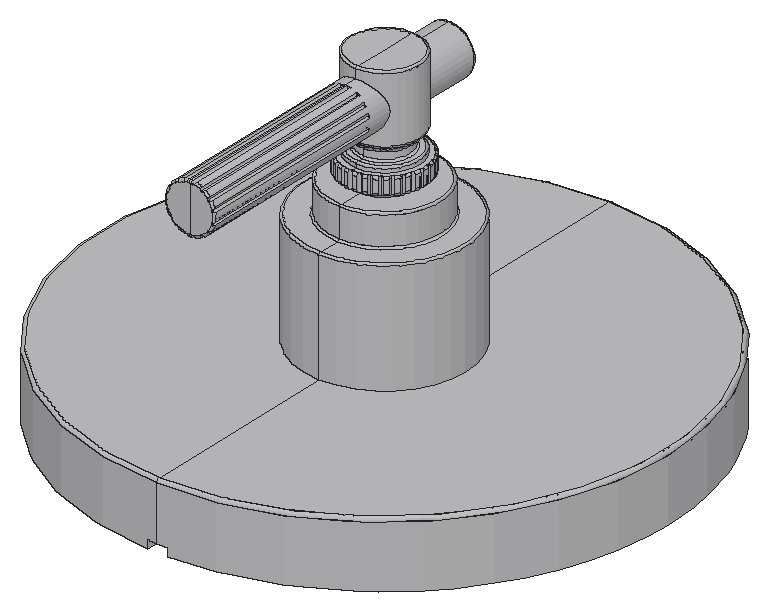
Revit family "Shower-Valve_Trim-KALLISTA-Central_Park_West-P21375_1", category Specialty Equipment, host Face, Revit 2021 (continued)
Definition of nested family "P21375"
  Lines and regions (in)
    symbolic lines, detail levels medium+fine
      curve 255: spline (0, -0.25528, 2.41614) -> (0, -0.25552, 2.41372) -> (0, -0.25539, 2.41131) -> (0, -0.2549, 2.40896) -> (0, -0.25406, 2.40672) -> (0, -0.25287, 2.40463) -> (0, -0.25137, 2.40272) -> (0, -0.24959, 2.40104) -> (0, -0.24755, 2.39962) -> (0, -0.24529, 2.39849) -> (0, -0.24287, 2.39766) -> (0, -0.24032, 2.39715) -> (0, -0.23769, 2.39698)
      curve 256: spline (0, -0.32976, 2.41577) -> (0, -0.32981, 2.41341) -> (0, -0.32951, 2.41107) -> (0, -0.32886, 2.40879) -> (0, -0.32789, 2.40662) -> (0, -0.32661, 2.40458) -> (0, -0.32503, 2.40273) -> (0, -0.3232, 2.40109) -> (0, -0.32113, 2.3997) -> (0, -0.31888, 2.39857) -> (0, -0.31648, 2.39773) -> (0, -0.31397, 2.3972) -> (0, -0.3114, 2.39698)
      curve 257: spline (0, -0.38851, 2.41672) -> (0, -0.38842, 2.4143) -> (0, -0.38796, 2.41188) -> (0, -0.38714, 2.4095) -> (0, -0.38598, 2.40722) -> (0, -0.38449, 2.40507) -> (0, -0.38271, 2.40311) -> (0, -0.38067, 2.40136) -> (0, -0.37842, 2.39987) -> (0, -0.376, 2.39866) -> (0, -0.37345, 2.39776) -> (0, -0.37084, 2.39719) -> (0, -0.3682, 2.39696)
      curve 258: spline (0, -0.43181, 2.41672) -> (0, -0.43148, 2.4143) -> (0, -0.4308, 2.41188) -> (0, -0.42979, 2.4095) -> (0, -0.42847, 2.40722) -> (0, -0.42686, 2.40507) -> (0, -0.42501, 2.40311) -> (0, -0.42295, 2.40136) -> (0, -0.42071, 2.39987) -> (0, -0.41834, 2.39866) -> (0, -0.4159, 2.39776) -> (0, -0.41342, 2.39719) -> (0, -0.41096, 2.39696)
      curve 259: spline (0, -0.43048, 2.39707) -> (0, -0.43273, 2.39701) -> (0, -0.43498, 2.39735) -> (0, -0.43716, 2.39807) -> (0, -0.43924, 2.39916) -> (0, -0.44118, 2.4006) -> (0, -0.44293, 2.40235) -> (0, -0.44446, 2.40439) -> (0, -0.44575, 2.40666) -> (0, -0.44675, 2.40914) -> (0, -0.44745, 2.41175) -> (0, -0.44785, 2.41446) -> (0, -0.44792, 2.4172)
      curve 260: arc (0, 0.44792, 2.41674) -> (0, 0.44309, 2.40375) -> (0, 0.43096, 2.39706) r 0.0199
      curve 261: arc (0, 0.41404, 2.41674) -> (0, 0.4093, 2.40384) -> (0, 0.39735, 2.39706) r 0.01995
      curve 262: arc (0, 0.29521, 2.41674) -> (0, 0.29024, 2.40353) -> (0, 0.27779, 2.39687) r 0.02004
      curve 263: arc (0, 0.21465, 2.41674) -> (0, 0.20805, 2.4019) -> (0, 0.1926, 2.39687) r 0.01998
      curve 264: arc (0, 0.12106, 2.41674) -> (0, 0.11395, 2.40138) -> (0, 0.09762, 2.39687) r 0.02014
      curve 265: arc (0, 0.39735, 2.577) -> (0, 0.4093, 2.57022) -> (0, 0.41404, 2.55732) r 0.01995
      curve 266: arc (0, 0.27494, 2.577) -> (0, 0.28923, 2.57144) -> (0, 0.29521, 2.55732) r 0.01969
      curve 267: arc (0, 0.19219, 2.577) -> (0, 0.20788, 2.57225) -> (0, 0.21465, 2.55732) r 0.01986
      curve 268: arc (0, 0.0973, 2.577) -> (0, 0.11381, 2.57275) -> (0, 0.12106, 2.55732) r 0.02004
      curve 269: arc (0, 0.02543, 2.41654) -> (0, 0.01914, 2.4021) -> (0, 0.00428, 2.39687) r 0.01973
      curve 270: arc (0, 0.00767, 2.577) -> (0, 0.02032, 2.57069) -> (0, 0.02543, 2.55751) r 0.01958
      curve 271: arc (0, -0.03221, 2.55753) -> (0, -0.0284, 2.56948) -> (0, -0.01837, 2.577) r 0.02062
      curve 272: arc (0, -0.00916, 2.39687) -> (0, -0.02524, 2.40152) -> (0, -0.03221, 2.41674) r 0.02009
      curve 273: arc (0, -0.10763, 2.39687) -> (0, -0.12152, 2.40278) -> (0, -0.12725, 2.41674) r 0.01987
      curve 274: arc (0, -0.12725, 2.55732) -> (0, -0.12067, 2.57206) -> (0, -0.10529, 2.577) r 0.0198
      curve 275: arc (0, -0.19147, 2.39687) -> (0, -0.20763, 2.40148) -> (0, -0.21465, 2.41674) r 0.02011
      curve 276: arc (0, -0.21465, 2.55732) -> (0, -0.20959, 2.57054) -> (0, -0.19699, 2.577) r 0.0198
      curve 277: arc (0, -0.29521, 2.55732) -> (0, -0.28785, 2.57285) -> (0, -0.27117, 2.577) r 0.02008
      curve 278: arc (0, -0.27688, 2.39687) -> (0, -0.28992, 2.40323) -> (0, -0.29521, 2.41674) r 0.01994
      curve 279: arc (0, -0.34414, 2.39687) -> (0, -0.35804, 2.40277) -> (0, -0.36377, 2.41674) r 0.01987
      curve 280: arc (0, -0.36377, 2.55732) -> (0, -0.35726, 2.57199) -> (0, -0.342, 2.577) r 0.01979
      curve 281: arc (0, -0.41491, 2.55732) -> (0, -0.40988, 2.57051) -> (0, -0.39735, 2.577) r 0.01981
      curve 282: arc (0, -0.44792, 2.55732) -> (0, -0.44464, 2.56888) -> (0, -0.43579, 2.577) r 0.02204
      curve 283: arc (0, -0.40027, 2.39706) -> (0, -0.41085, 2.40447) -> (0, -0.41491, 2.41674) r 0.02055
      curve 284: arc (0, -2.67715, 3.44348) -> (0, -2.66952, 3.45356) -> (0, -2.65748, 3.45738) r 0.02086
      curve 285: arc (0, -2.65748, 3.43493) -> (0, -2.66907, 3.43162) -> (0, -2.67717, 3.4227) r 0.02196
      curve 286: arc (0, -2.67717, 3.39494) -> (0, -2.67085, 3.40782) -> (0, -2.65748, 3.41302) r 0.01976
      curve 287: arc (0, -2.65748, 3.36863) -> (0, -2.67103, 3.36324) -> (0, -2.67717, 3.35001) r 0.01972
      curve 288: arc (0, -2.67717, 3.31481) -> (0, -2.67142, 3.32877) -> (0, -2.65748, 3.33456) r 0.01969
      curve 289: arc (0, -2.65748, 3.27498) -> (0, -2.67185, 3.26876) -> (0, -2.67717, 3.25403) r 0.01972
      curve 290: arc (0, -2.67717, 3.2151) -> (0, -2.6711, 3.22846) -> (0, -2.65748, 3.23393) r 0.0197
      curve 291: arc (0, -2.65748, 3.14402) -> (0, -2.6698, 3.14814) -> (0, -2.67717, 3.15885) r 0.02048
      curve 292: arc (0, -2.67717, 3.11935) -> (0, -2.67028, 3.10761) -> (0, -2.65748, 3.10298) r 0.02002
      curve 293: arc (0, -2.65748, 3.04339) -> (0, -2.67076, 3.04851) -> (0, -2.67717, 3.06122) r 0.01978
      curve 294: arc (0, -2.67717, 3.02382) -> (0, -2.6697, 3.01334) -> (0, -2.65748, 3.00933) r 0.02061
      curve 295: arc (0, -2.65748, 2.96493) -> (0, -2.67068, 2.96997) -> (0, -2.67717, 2.98252) r 0.01981
      curve 296: arc (0, -2.67717, 2.95755) -> (0, -2.66971, 2.94705) -> (0, -2.65748, 2.94303) r 0.0206
      curve 297: arc (0, -2.65748, 2.92057) -> (0, -2.67067, 2.9256) -> (0, -2.67715, 2.93814) r 0.01979
      curve 298: arc (0, -0.55217, 3.23393) -> (0, -0.53165, 3.25445) -> (0, -0.55217, 3.27498) r 0.02052
      curve 299: arc (0, -0.5512, 3.33456) -> (0, -0.53416, 3.35159) -> (0, -0.5512, 3.36863) r 0.01703
      curve 300: arc (0, -0.55054, 3.41302) -> (0, -0.53959, 3.42398) -> (0, -0.55054, 3.43493) r 0.01095
      curve 301: arc (0, -0.54531, 3.45738) -> (0, -0.54172, 3.46097) -> (0, -0.54531, 3.46457) r 0.00359
      curve 302: arc (0, -0.55217, 3.14402) -> (0, -0.53165, 3.1235) -> (0, -0.55217, 3.10298) r 0.02052
      curve 303: arc (0, -0.5512, 3.04339) -> (0, -0.53416, 3.02636) -> (0, -0.5512, 3.00933) r 0.01703
      curve 304: arc (0, -0.55054, 2.96493) -> (0, -0.53959, 2.95398) -> (0, -0.55054, 2.94303) r 0.01095
      curve 305: arc (0, -0.54531, 2.92057) -> (0, -0.54172, 2.91698) -> (0, -0.54531, 2.91339) r 0.00359
      curve 306: circle (0, 0, 3.18898) r 0.27559 normal (0, -1, 0)
  Dimensions and locks (in)
    locked: plane 4 to plane 3 "Center (Left/Right)" at 3.12992
    locked: plane 4 to plane 5 at 6.25984
    locked: plane 6 to plane 3 "Center (Left/Right)" at 0.27559
    locked: plane 6 to plane 7 at 0.55118
    locked: level to plane 8 at 3.58268
    locked: level to plane 9 at 3.18898
    locked: plane 8 to level at 3.58268  (x2)
    locked: plane 9 to level at 3.18898  (x2)
    locked: plane 5 to plane 4 at 6.25984
    locked: plane 7 to plane 6 at 0.55118
    locked: plane 1 "Center (Front/Back)" to plane 10 at 2.67717
    locked: plane 11 to plane 10 at 3.58268
    locked: plane 12 to plane 1 "Center (Front/Back)" at 3.12992
    locked: plane 12 to plane 13 at 6.25984
    locked: plane 13 to plane 12 at 6.25984
    locked: plane 9 to plane 14 at 0.27559
    locked: plane 14 to plane 15 at 0.55118
    radius of Extrusion 21 sketch curve = 0.0212"
    radius of Extrusion 22 sketch curve = 0.0212"
    radius of Extrusion 23 sketch curve = 0.0212"
    radius of Extrusion 24 sketch curve = 0.0212"
    radius of Extrusion 25 sketch curve = 0.0212"
    radius of Extrusion 26 sketch curve = 0.0212"
    radius of Extrusion 27 sketch curve = 0.0212"
    radius of Extrusion 28 sketch curve = 0.0212"
    radius of Extrusion 29 sketch curve = 0.0212"
    radius of Extrusion 30 sketch curve = 0.0212"
    radius of Extrusion 31 sketch curve = 0.0212"
    radius of Extrusion 32 sketch curve = 0.0212"
    radius of Extrusion 33 sketch curve = 0.0212"
    radius of Extrusion 34 sketch curve = 0.0212"
    radius of Extrusion 35 sketch curve = 0.0212"
    radius of Extrusion 36 sketch curve = 0.0212"
    aligned and locked: plane 2 to level
Types (7): name | Type | Product Page URL | Model | Finish
  (no name) | 4 | "https://www.kallista.com/bathroom/showering/shower-trim/central-park-west-pressure-balance-trim-lever-handle-p21375-lv-cp" | "P21375-LV-CP" | Kallista-Metal-CP-Chrome
  BAF-Brushed French Gold | 1 | "https://www.kallista.com/bathroom/showering/shower-trim/central-park-west-pressure-balance-trim-lever-handle-p21375-lv-baf" | "P21375-LV-BAF" | Kallista-Metal-BAF-Brushed_French_Gold
  BN-Brushed Nickel | 2 | "" | "P21375-LV-BN" | Kallista-Metal-BN-Brushed_Nickel
  BV-Brushed Bronze | 3 | "https://www.kallista.com/bathroom/showering/shower-trim/central-park-west-pressure-balance-trim-lever-handle-p21375-lv-bv" | "P21375-LV-BV" | Kallista-Metal-BV-Brushed_Bronze
  CP-Chrome | 4 | "https://www.kallista.com/bathroom/showering/shower-trim/central-park-west-pressure-balance-trim-lever-handle-p21375-lv-cp" | "P21375-LV-CP" | Kallista-Metal-CP-Chrome
  SN-Polished Nickel | 5 | "https://www.kallista.com/bathroom/showering/shower-trim/central-park-west-pressure-balance-trim-lever-handle-p21375-lv-sn" | "P21375-LV-SN" | Kallista-Metal-SN-Polished_Nickel
  ULB-Unlaquered Brass | 6 | "https://www.kallista.com/bathroom/showering/shower-trim/central-park-west-pressure-balance-trim-lever-handle-p21375-lv-ulb" | "P21375-LV-ULB" | Kallista-Metal-ULB-Unlaquered_Brass
